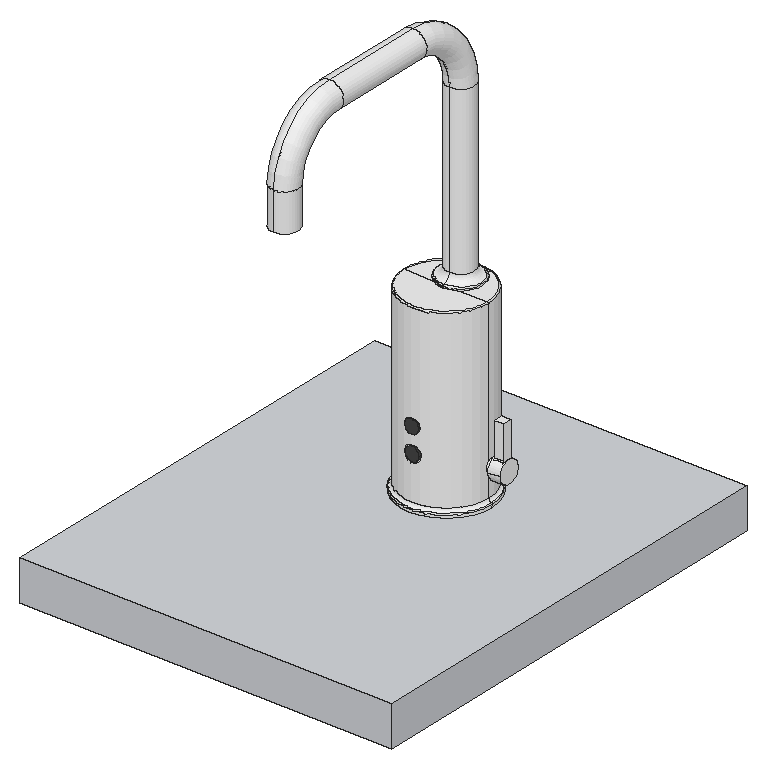
Revit family
Parameters (values of type "Chrome-Polished_Chrome-CP")
  Width = 0' - 3"
  WFU = 0
  URL = "http://www.us.kohler.com"
  Sensor = Sensor-Black
  Product Page URL = "http://www.us.kohler.com/onlinecatalog/detail.jsp?prod_num=7519"
  Product Documentation Link = "http://www.us.kohler.com/onlinecatalog/pdf/1126266_4.pdf"
  Model = "K-7519"  # constant formula
  Manufacturer = "Kohler"  # constant formula
  Length = 0' - 7 3/8"
  Installation = "Single-hole"  # constant formula
  Hot Water Radius = 3/16"
  Hot Water Diameter = Hot Water Radius * 2  # 3/8"
  Hot Water Connection = "Hot Water Connector"  # constant formula
  Height = 1' - 0 1/8"
  HWFU = 0
  HW Connection = yes
  Finish = Chrome-Kohler-CP-Polished Chrome
  Description = "Hybrid gooseneck Touchless deck-mount faucet with mixer\r\n\r\n"  # constant formula
  Default Elevation = 0' - 0"
  Created By = "http://medialab3dstudio.com/"
  Cold Water Radius = 3/16"
  Cold Water Diameter = Cold Water Radius * 2  # 3/8"
  Cold Water Connection = "Cold Water Connector"  # constant formula
  CWFU = 0
  CW Connection = yes
  Assembly Code = "D2010"
  Actual Water Flow = 0.5 GPM
Types (3): name | Finish
  (no name) | Chrome-Kohler-CP-Polished Chrome
  Steel-Vibrant_Stainless-VS | Steel-Kohler-VS-Vibrant Stainless
  Chrome-Polished_Chrome-CP | Chrome-Kohler-CP-Polished Chrome
Reference planes (in)
  plane 1 "Back": y = 0
  plane 2 "Bottom": z = 0
  plane 3 "Center (Left/Right)": x = 0
  plane 4 "Left": x = -1.29539
  plane 5 "Right": x = 1.29539
  plane 6 "Front of Base": y = -2.625
  plane 7 "Top of Spout": z = 5.13758
  plane 8: x = -1.19804
  plane 9: z = 0.19946
  plane 10: y = -0.20719
  plane 11: z = 5.41928
  plane 12: z = 5.19898
  plane 13: z = 11.74609
  plane 14: y = -6.99576
  plane 15: y = -0.81246
  plane 16: z = 5.41651
  plane 17: y = -1.10002
  plane 18: y = -1.34732
  plane 19: z = 1.30517
  plane 20: z = 1.25601
  plane 21: z = 2.24107
  plane 22: y = -1.07566
  plane 23: y = -1.3705
  plane 24: z = 0.99618
  plane 25: y = -1.22359
  plane 26 "Handle Right": x = 1.70461
  plane 27: y = -1.22359
  plane 28: z = 0.99618
  plane 29: z = 2.11506
  plane 30: x = 0
  plane 31: z = 2.11482
  plane 32: z = 1.42524
  plane 33: x = 0.01711
  plane 34: z = 1.42308
  plane 35: x = 0.01711
  plane 36 "Front": y = -7.375
  plane 37 "Top": z = 12.125
  plane 38: y = -0.9173
  plane 39: y = -1.52988
  plane 40: y = -1.40189
  plane 41: y = -1.04534
  plane 42: y = -0.81285
  plane 43: y = -1.22287
  plane 44: x = 0.49462
  plane 45: x = -0.49462
Forms (in)
  Extrusion 1, solid
    sketch origin (0, 0, 0) x (1, 0, 0) y (0, 1, 0)
      loop
        line (-5.38196, 2.92434) -> (-5.38196, -9.57092) -> (5.06552, -9.57092) -> (5.06552, 2.92434) -> (-5.38196, 2.92434)
    from 0 to -1.1254
  Revolve 2, solid, material "Chrome-Kohler-CP-Polished Chrome" <- "Finish", detail levels fine
    sketch origin (0, -1.3125, 0) x (1, 0, 0) y (0, 0, 1)
      loop
        line (0, 0) -> (0, 5.13758) -> (-1.16906, 5.13758)
        arc (-1.16906, 5.13758) -> (-1.18955, 5.1291) -> (-1.19804, 5.10861) r 0.02898
        line (-1.19804, 5.10861) -> (-1.19804, 0.19946)
        arc (-1.19804, 0.19946) -> (-1.22153, 0.13482) -> (-1.27987, 0.0984) r 0.10547
        arc (-1.27987, 0.0984) -> (-1.29123, 0.08704) -> (-1.29539, 0.07153) r 0.03103
        line (-1.29539, 0.07153) -> (-1.29539, 0) -> (0, 0)
      axis (0, 5.13758) -> (0, 0)
    angle from 0 to 360
  Revolve 3, solid, material "Chrome-Kohler-CP-Polished Chrome" <- "Finish", detail levels fine
    sketch origin (0, -0.87954, 0) x (0, -1, 0) y (0, 0, 1)
      loop
        line (-0.18173, 5.13758) -> (-0.18173, 5.41928) -> (-0.44641, 5.41928)
        arc (-0.44641, 5.41928) -> (-0.50901, 5.26802) -> (-0.65744, 5.19898) r 0.22547
        arc (-0.65744, 5.19898) -> (-0.67695, 5.18967) -> (-0.68487, 5.16956) r 0.02949
        line (-0.68487, 5.16956) -> (-0.68487, 5.13758) -> (-0.18173, 5.13758)
      axis (-0.06669, 5.41928) -> (-0.06669, 5.13758)
    angle from 0 to 360
  Sweep 4, solid, material "Chrome-Kohler-CP-Polished Chrome" <- "Finish", detail levels fine
    path origin (0, 0.00468, 0) x (0, 1, 0) y (0, 0, 1)
      loop
        line (-0.81714, 5.41651) -> (-0.81714, 10.08672)
        arc (-0.81714, 10.08672) -> (-1.30315, 11.26008) -> (-2.47651, 11.74609) r 1.65937
        line (-2.47651, 11.74609) -> (-5.41231, 11.74609)
        arc (-5.41231, 11.74609) -> (-6.51854, 11.29773) -> (-7.00044, 10.2057) r 1.58887
        line (-7.00044, 10.2057) -> (-7.00044, 9.14197)
    profile origin (0, -0.81246, 7.75162) x (0, -1, 0) y (1, 0, 0)
      loop
        circle (0, 0) r 0.37923
  Extrusion 5, void
    sketch origin (0, 0, 0) x (1, 0, 0) y (0, 0, 1)
      loop
        arc (-0.21742, 2.11482) -> (-0.15374, 1.96108) -> (0, 1.8974) r 0.21742
        arc (0, 1.8974) -> (0.15374, 1.96108) -> (0.21742, 2.11482) r 0.21742
        arc (0.21742, 2.11482) -> (0.15374, 2.26855) -> (0, 2.33223) r 0.21742
        arc (0, 2.33223) -> (-0.15374, 2.26855) -> (-0.21742, 2.11482) r 0.21742
    from 2.44704 to 2.52902
  Extrusion 6, void
    sketch origin (0, 0, -0.69173) x (1, 0, 0) y (0, 0, 1)
      loop
        arc (-0.21742, 2.11482) -> (-0.14872, 1.94898) -> (0.01711, 1.88029) r 0.23453
        arc (0.01711, 1.88029) -> (0.18295, 1.94898) -> (0.25164, 2.11482) r 0.23453
        arc (0.25164, 2.11482) -> (0.18295, 2.28065) -> (0.01711, 2.34935) r 0.23453
        arc (0.01711, 2.34935) -> (-0.14872, 2.28065) -> (-0.21742, 2.11482) r 0.23453
    from 2.44704 to 2.52902
  Extrusion 7, solid, material "Sensor-Black" <- "Sensor", detail levels fine
    sketch origin (0, 0, 0) x (1, 0, 0) y (0, 0, 1)
      loop
        arc (-0.18898, 2.11506) -> (-0.13363, 1.98143) -> (0, 1.92608) r 0.18898
        arc (0, 1.92608) -> (0.13363, 1.98143) -> (0.18898, 2.11506) r 0.18898
        arc (0.18898, 2.11506) -> (0.13363, 2.24869) -> (0, 2.30404) r 0.18898
        arc (0, 2.30404) -> (-0.13363, 2.24869) -> (-0.18898, 2.11506) r 0.18898
    from 2.44704 to 2.52039
  Extrusion 8, solid, material "Sensor-Black" <- "Sensor", detail levels fine
    sketch origin (0, 0, -0.68982) x (1, 0, 0) y (0, 0, 1)
      loop
        arc (-0.17187, 2.11506) -> (-0.11652, 1.98143) -> (0.01711, 1.92608) r 0.18898
        arc (0.01711, 1.92608) -> (0.15074, 1.98143) -> (0.20609, 2.11506) r 0.18898
        arc (0.20609, 2.11506) -> (0.15074, 2.24869) -> (0.01711, 2.30404) r 0.18898
        arc (0.01711, 2.30404) -> (-0.11652, 2.24869) -> (-0.17187, 2.11506) r 0.18898
    from 2.44704 to 2.52039
  Extrusion 9, solid, material "Chrome-Kohler-CP-Polished Chrome" <- "Finish", detail levels fine
    sketch origin (0, 0, 0) x (0, 1, 0) y (0, 0, 1)
      loop
        arc (-1.04531, 0.99618) -> (-1.09753, 1.12225) -> (-1.22359, 1.17446) r 0.17828
        arc (-1.22359, 1.17446) -> (-1.34965, 1.12225) -> (-1.40187, 0.99618) r 0.17828
        arc (-1.40187, 0.99618) -> (-1.34965, 0.87012) -> (-1.22359, 0.8179) r 0.17828
        arc (-1.22359, 0.8179) -> (-1.09753, 0.87012) -> (-1.04531, 0.99618) r 0.17828
    from 1.0625 to 1.35021
  Extrusion 10, solid, material "Chrome-Kohler-CP-Polished Chrome" <- "Finish", detail levels fine
    sketch origin (0, 0, 0) x (0, 1, 0) y (0, 0, 1)
      loop
        arc (-0.9173, 0.99618) -> (-1.00701, 1.21276) -> (-1.22359, 1.30247) r 0.30629
        arc (-1.22359, 1.30247) -> (-1.44017, 1.21276) -> (-1.52988, 0.99618) r 0.30629
        arc (-1.52988, 0.99618) -> (-1.44017, 0.77961) -> (-1.22359, 0.6899) r 0.30629
        arc (-1.22359, 0.6899) -> (-1.00701, 0.77961) -> (-0.9173, 0.99618) r 0.30629
    from 1.35021 to 1.70461
  Extrusion 11, solid, material "Chrome-Kohler-CP-Polished Chrome" <- "Finish", detail levels fine
    sketch origin (0, 0, 0) x (0, 1, 0) y (0, 0, 1)
      loop
        arc (-1.3705, 1.25601) -> (-1.22308, 1.29082) -> (-1.07566, 1.25601) r 0.32962
        arc (-1.07566, 1.25601) -> (-1.09275, 1.27817) -> (-1.10002, 1.30519) r 0.07148
        line (-1.10002, 1.30519) -> (-1.10002, 2.24107) -> (-1.34732, 2.24107) -> (-1.34732, 1.30517)
        arc (-1.34732, 1.30517) -> (-1.35357, 1.27807) -> (-1.3705, 1.25601) r 0.06547
    from 1.39998 to 1.65425
  Extrusion 12, void
    sketch origin (0.49462, 0.17828, 0) x (1, 0, 0) y (0, 1, 0)
      loop
        circle (0, -1.40115) r 0.1875
    from 0 to 0.0984
  Extrusion 13, void
    sketch origin (-0.49462, 0.17828, 0) x (1, 0, 0) y (0, 1, 0)
      loop
        circle (0, -1.40115) r 0.1875
    from 0 to 0.0984
  Extrusion 14, solid, not visible
    sketch origin (0, 0, 0) x (1, 0, 0) y (0, 1, 0)
      loop
        arc (0.30712, -1.22287) -> (0.36203, -1.35545) -> (0.49462, -1.41037) r 0.1875
        arc (0.49462, -1.41037) -> (0.6272, -1.35545) -> (0.68212, -1.22287) r 0.1875
        arc (0.68212, -1.22287) -> (0.6272, -1.09029) -> (0.49462, -1.03537) r 0.1875
        arc (0.49462, -1.03537) -> (0.36203, -1.09029) -> (0.30712, -1.22287) r 0.1875
      loop
        arc (-0.49462, -1.03537) -> (-0.6272, -1.09029) -> (-0.68212, -1.22287) r 0.1875
        arc (-0.68212, -1.22287) -> (-0.6272, -1.35545) -> (-0.49462, -1.41037) r 0.1875
        arc (-0.49462, -1.41037) -> (-0.36203, -1.35545) -> (-0.30712, -1.22287) r 0.1875
        arc (-0.30712, -1.22287) -> (-0.36203, -1.09029) -> (-0.49462, -1.03537) r 0.1875
    from 0 to 0.0984
  Extrusion 15, solid, material "Chrome-Kohler-CP-Polished Chrome" <- "Finish", detail levels coarse+medium
    sketch origin (0, 0, 0) x (1, 0, 0) y (0, 1, 0)
      loop
        line (-1.29539, 0) -> (-1.29539, -7.375) -> (1.70461, -7.375) -> (1.70461, 0) -> (-1.29539, 0)
    from 0 to 12.125
Cuts and joins
  Extrusion 5, Extrusion 6, Extrusion 12, Extrusion 13 cuts Revolve 2
  joined: Revolve 2, Revolve 3, Extrusion 9, Extrusion 10
Lines and regions (in)
  Masking region 1, detail levels coarse
    outline origin (0, 0, 0) x (1, 0, 0) y (0, 1, 0)
      loop
        line (-1.29539, 0) -> (-1.29539, -7.375) -> (1.70461, -7.375) -> (1.70461, 0) -> (-1.29539, 0)
  Masking region 2, detail levels medium+fine
    outline origin (0, 0, 0) x (1, 0, 0) y (0, 1, 0)
      loop
        line (-0.37924, -2.55113) -> (-0.37924, -6.99756)
        arc (-0.37924, -6.99756) -> (0, -7.37679) -> (0.37923, -6.99756) r 0.37923
        line (0.37923, -6.99756) -> (0.37923, -2.55113)
        arc (0.37923, -2.55113) -> (1.01425, -2.11831) -> (1.2923, -1.40189) r 1.29539
        line (1.2923, -1.40189) -> (1.3331, -1.40189) -> (1.3331, -1.52988) -> (1.70461, -1.52988) -> (1.70461, -0.9173) -> (1.3331, -0.9173) -> (1.3331, -1.04534) -> (1.26754, -1.04534)
        arc (1.26754, -1.04534) -> (-0.87414, -0.35651) -> (-0.37924, -2.55113) r 1.29539
  Masking region 3, detail levels coarse
    outline origin (0, 0, 0) x (1, 0, 0) y (0, 0, 1)
      loop
        line (-1.29539, 12.125) -> (-1.29539, 0) -> (1.70461, 0) -> (1.70461, 12.125) -> (-1.29539, 12.125)
  Masking region 4, detail levels medium+fine
    outline origin (0, -2.625, 0) x (-1, 0, 0) y (0, 0, 1)
      loop
        line (-1.3125, 0) -> (1.3125, 0) -> (1.3125, 0.07153)
        arc (1.3125, 0.07153) -> (1.3084, 0.08708) -> (1.29699, 0.0984) r 0.0306
        arc (1.29699, 0.0984) -> (1.23921, 0.13528) -> (1.21515, 0.19946) r 0.10831
        line (1.21515, 0.19946) -> (1.21515, 5.10861)
        arc (1.21515, 5.10861) -> (1.20666, 5.1291) -> (1.18617, 5.13758) r 0.02898
        line (1.18617, 5.13758) -> (0.59826, 5.13758) -> (0.59826, 5.16956)
        arc (0.59826, 5.16956) -> (0.59078, 5.18919) -> (0.57214, 5.19886) r 0.0295
        arc (0.57214, 5.19886) -> (0.43116, 5.26823) -> (0.37923, 5.41651) r 0.20746
        line (0.37923, 5.41651) -> (0.37923, 11.74436)
        arc (0.37923, 11.74436) -> (0.00015, 12.12344) -> (-0.37892, 11.74436) r 0.37908
        line (-0.37892, 11.74436) -> (-0.37892, 5.41651)
        arc (-0.37892, 5.41651) -> (-0.43062, 5.26871) -> (-0.57082, 5.19899) r 0.20773
        arc (-0.57082, 5.19899) -> (-0.58994, 5.19001) -> (-0.59825, 5.17058) r 0.02968
        line (-0.59825, 5.17058) -> (-0.59825, 5.13758) -> (-1.18617, 5.13758)
        arc (-1.18617, 5.13758) -> (-1.20668, 5.12909) -> (-1.21517, 5.10858) r 0.029
        line (-1.21517, 5.10858) -> (-1.21517, 1.17489) -> (-1.35021, 1.17489) -> (-1.35021, 1.30247) -> (-1.39998, 1.30247) -> (-1.39998, 2.24107) -> (-1.65425, 2.24107) -> (-1.65425, 1.30519) -> (-1.70461, 1.30519) -> (-1.70461, 0.6899) -> (-1.35021, 0.6899) -> (-1.35021, 0.8179) -> (-1.21517, 0.8179) -> (-1.21517, 0.19951)
        arc (-1.21517, 0.19951) -> (-1.23819, 0.13448) -> (-1.29699, 0.0984) r 0.10338
        arc (-1.29699, 0.0984) -> (-1.30833, 0.08703) -> (-1.3125, 0.07153) r 0.03114
        line (-1.3125, 0.07153) -> (-1.3125, 0)
  Masking region 5, detail levels coarse
    outline origin (0, 0, 0) x (0, 1, 0) y (0, 0, 1)
      loop
        line (0, 12.125) -> (-7.375, 12.125) -> (-7.375, 0) -> (0, 0) -> (0, 12.125)
  Masking region 6, detail levels medium+fine
    outline origin (0, 0, 0) x (0, 1, 0) y (0, 0, 1)
      loop
        line (0, 0) -> (0, 0.07182)
        arc (0, 0.07182) -> (-0.00416, 0.08721) -> (-0.01551, 0.0984) r 0.03053
        arc (-0.01551, 0.0984) -> (-0.07358, 0.13504) -> (-0.09735, 0.19946) r 0.10682
        line (-0.09735, 0.19946) -> (-0.09735, 5.10856)
        arc (-0.09735, 5.10856) -> (-0.10585, 5.12908) -> (-0.12637, 5.13758) r 0.02902
        line (-0.12637, 5.13758) -> (-0.19467, 5.13758) -> (-0.19467, 5.16952)
        arc (-0.19467, 5.16952) -> (-0.20259, 5.18961) -> (-0.2221, 5.19889) r 0.02944
        arc (-0.2221, 5.19889) -> (-0.37025, 5.26819) -> (-0.43313, 5.41918) r 0.22654
        line (-0.43313, 5.41918) -> (-0.43313, 10.10196)
        arc (-0.43313, 10.10196) -> (-1.02567, 11.53247) -> (-2.45617, 12.125) r 2.02304
        line (-2.45617, 12.125) -> (-5.44685, 12.125)
        arc (-5.44685, 12.125) -> (-6.81026, 11.56026) -> (-7.375, 10.19685) r 1.92815
        line (-7.375, 10.19685) -> (-7.375, 9.14197) -> (-6.61653, 9.14197) -> (-6.61653, 10.19947)
        arc (-6.61653, 10.19947) -> (-6.2471, 11.02676) -> (-5.40744, 11.36712) r 1.21266
        line (-5.40744, 11.36712) -> (-2.48041, 11.36712)
        arc (-2.48041, 11.36712) -> (-1.58184, 11.00202) -> (-1.19257, 10.11366) r 1.28831
        line (-1.19257, 10.11366) -> (-1.19257, 5.41928)
        arc (-1.19257, 5.41928) -> (-1.25533, 5.26817) -> (-1.4036, 5.19898) r 0.22606
        arc (-1.4036, 5.19898) -> (-1.42317, 5.18969) -> (-1.43108, 5.16952) r 0.02943
        line (-1.43108, 5.16952) -> (-1.43108, 5.13758) -> (-2.49862, 5.13758)
        arc (-2.49862, 5.13758) -> (-2.51919, 5.12907) -> (-2.5277, 5.1085) r 0.02908
        line (-2.5277, 5.1085) -> (-2.5277, 0.19941)
        arc (-2.5277, 0.19941) -> (-2.55179, 0.1353) -> (-2.60949, 0.0984) r 0.10846
        arc (-2.60949, 0.0984) -> (-2.621, 0.08713) -> (-2.625, 0.07153) r 0.02993
        line (-2.625, 0.07153) -> (-2.625, 0) -> (0, 0)
  Masking region 7, detail levels fine
    outline origin (1.29539, 0, 0) x (0, 1, 0) y (0, 0, 1)
      loop
        arc (-1.04531, 0.99618) -> (-1.09753, 1.12225) -> (-1.22359, 1.17446) r 0.17828
        arc (-1.22359, 1.17446) -> (-1.34965, 1.12225) -> (-1.40187, 0.99618) r 0.17828
        arc (-1.40187, 0.99618) -> (-1.34965, 0.87012) -> (-1.22359, 0.8179) r 0.17828
        arc (-1.22359, 0.8179) -> (-1.09753, 0.87012) -> (-1.04531, 0.99618) r 0.17828
  symbolic lines, style "Masking Lines", detail levels fine
    curve 1: arc (-0.38196, -1.34233, 0) -> (-0.00037, -0.27922, 0) -> (0.38071, -1.34252, 0) r 0.59999
    curve 2: arc (-0.38196, -0.7959, 0) -> (-0.00063, -0.41457, 0) -> (0.38071, -0.7959, 0) r 0.38133
    curve 3: arc (1.26791, -1.04692, 0) -> (1.29266, -1.22354, 0) -> (1.29234, -1.40189, 0) r 1.26618
    curve 4: line (1.3331, -1.40187, 0) -> (1.3331, -1.04534, 0)
    curve 5: line (1.39998, -1.07566, 0) -> (1.65425, -1.07566, 0)
    curve 6: line (1.39998, -1.3705, 0) -> (1.39998, -1.07566, 0)
    curve 7: line (1.65425, -1.3705, 0) -> (1.39998, -1.3705, 0)
    curve 8: line (1.65425, -1.07566, 0) -> (1.65425, -1.3705, 0)
    curve 9: line (0.38071, -1.34252, 0) -> (0.38071, -2.569, 0)
    curve 10: line (-0.38196, -1.34233, 0) -> (-0.38196, -2.569, 0)
    curve 11: line (-0.38196, -1.34233, 0) -> (-0.38196, -0.7959, 0)
    curve 12: line (0.38071, -1.34252, 0) -> (0.38071, -0.7959, 0)
    curve 13: arc (0.21742, -7.375, 2.11482) -> (0.15374, -7.375, 2.26855) -> (0, -7.375, 2.33223) r 0.21742
    curve 14: arc (0, -7.375, 1.8974) -> (0.15374, -7.375, 1.96108) -> (0.21742, -7.375, 2.11482) r 0.21742
    curve 15: arc (-0.21742, -7.375, 2.11482) -> (-0.15374, -7.375, 1.96108) -> (0, -7.375, 1.8974) r 0.21742
    curve 16: arc (0, -7.375, 2.33223) -> (-0.15374, -7.375, 2.26855) -> (-0.21742, -7.375, 2.11482) r 0.21742
    curve 17: arc (0, -7.375, 2.30404) -> (-0.13363, -7.375, 2.24869) -> (-0.18898, -7.375, 2.11506) r 0.18898
    curve 18: arc (0.18898, -7.375, 2.11506) -> (0.13363, -7.375, 2.24869) -> (0, -7.375, 2.30404) r 0.18898
    curve 19: arc (0, -7.375, 1.92608) -> (0.13363, -7.375, 1.98143) -> (0.18898, -7.375, 2.11506) r 0.18898
    curve 20: arc (-0.18898, -7.375, 2.11506) -> (-0.13363, -7.375, 1.98143) -> (0, -7.375, 1.92608) r 0.18898
    curve 21: arc (0.25164, -7.375, 1.42308) -> (0.18295, -7.375, 1.58892) -> (0.01711, -7.375, 1.65761) r 0.23453
    curve 22: arc (0.01711, -7.375, 1.18855) -> (0.18295, -7.375, 1.25725) -> (0.25164, -7.375, 1.42308) r 0.23453
    curve 23: arc (-0.21742, -7.375, 1.42308) -> (-0.14872, -7.375, 1.25725) -> (0.01711, -7.375, 1.18855) r 0.23453
    curve 24: arc (0.01711, -7.375, 1.65761) -> (-0.14872, -7.375, 1.58892) -> (-0.21742, -7.375, 1.42308) r 0.23453
    curve 25: arc (0.01711, -7.375, 1.61422) -> (-0.11652, -7.375, 1.55887) -> (-0.17187, -7.375, 1.42524) r 0.18898
    curve 26: arc (0.20609, -7.375, 1.42524) -> (0.15074, -7.375, 1.55887) -> (0.01711, -7.375, 1.61422) r 0.18898
    curve 27: arc (0.01711, -7.375, 1.23626) -> (0.15074, -7.375, 1.29161) -> (0.20609, -7.375, 1.42524) r 0.18898
    curve 28: arc (-0.17187, -7.375, 1.42524) -> (-0.11652, -7.375, 1.29161) -> (0.01711, -7.375, 1.23626) r 0.18898
    curve 29: line (-0.59826, 0, 5.13758) -> (0.59825, 0, 5.13758)
    curve 30: line (-0.37923, -7.375, 9.14197) -> (0.37923, -7.375, 9.14197)
    curve 31: line (1.3331, -2.625, 1.17446) -> (1.3331, -2.625, 0.8179)
    curve 32: arc (1.19806, 0, 1.17489) -> (1.16919, 0, 0.9964) -> (1.19806, 0, 0.8179) r 0.56629
    curve 33: arc (1.29539, -1.22359, 0.6899) -> (1.29539, -1.00701, 0.77961) -> (1.29539, -0.9173, 0.99618) r 0.30629
    curve 34: arc (1.29539, -1.52988, 0.99618) -> (1.29539, -1.44017, 0.77961) -> (1.29539, -1.22359, 0.6899) r 0.30629
    curve 35: arc (1.29539, -1.35746, 1.27166) -> (1.29539, -1.48322, 1.15868) -> (1.29539, -1.52988, 0.99618) r 0.30629
    curve 36: arc (1.29539, -0.9173, 0.99618) -> (1.29539, -0.96352, 1.15797) -> (1.29539, -1.08823, 1.27093) r 0.30629
    curve 37: arc (1.29539, -1.08823, 1.27093) -> (1.29539, -1.09646, 1.28726) -> (1.29539, -1.10002, 1.30519) r 0.06772
    curve 38: arc (1.29539, -1.35746, 1.27166) -> (1.29539, -1.34998, 1.28769) -> (1.29539, -1.34732, 1.30517) r 0.06222
    curve 39: line (1.29539, -1.34732, 1.30517) -> (1.29539, -1.34732, 2.24107)
    curve 40: line (1.29539, -1.34732, 2.24107) -> (1.29539, -1.10002, 2.24107)
    curve 41: line (1.29539, -1.10002, 2.24107) -> (1.29539, -1.10002, 1.30519)
    curve 42: line (0, -0.2221, 5.19898) -> (0, -1.4036, 5.19898)
    curve 43: line (0, -0.01551, 0.0984) -> (0, -2.60949, 0.0984)
    curve 44: arc (1.29539, -1.35746, 1.27166) -> (1.29539, -1.22276, 1.30247) -> (1.29539, -1.08823, 1.27093) r 0.30629
    curve 45: line (0, -1.19257, 5.41928) -> (0, -0.43313, 5.41928)
    curve 46: line (0, -7.375, 10.19685) -> (0, -6.61662, 10.19685)
    curve 47: line (-0.57214, 0, 5.19886) -> (0.57257, 0, 5.19886)
    curve 48: line (-0.37923, 0, 5.41651) -> (0.37923, 0, 5.41651)
    curve 49: line (-1.19804, 0, 0.19946) -> (1.19804, 0, 0.19946)
    curve 50: line (-1.27987, 0, 0.0984) -> (1.27987, 0, 0.0984)
    curve 51: line (0, -1.43104, 5.13758) -> (0, -0.19467, 5.13758)
    curve 52: line (0, -2.52765, 0.19946) -> (0, -0.09735, 0.19946)
    curve 53: line (1.38286, 0, 1.30247) -> (1.38286, 0, 1.25601)
    curve 54: line (1.38286, 0, 1.25601) -> (1.65425, 0, 1.25601)
    curve 55: line (1.65425, 0, 1.25601) -> (1.65425, 0, 1.30517)
Dimensions and locks (in)
  equal spacing: plane 4 "Left", plane 3 "Center (Left/Right)", plane 5 "Right"
  locked: plane 4 "Left" to plane 8 at 0.09735
  locked: plane 9 to plane 2 "Bottom" at 0.19946
  plane 1 "Back" to plane 15 = 0' - 0.81246"
  plane 1 "Back" to plane 17 to plane 18 to plane 6 "Front of Base" = 0' - 1.10002" locked, 0' - 0.2473" locked, 0' - 1.27768" locked
  locked: plane 20 to plane 2 "Bottom" at 1.25601
  locked: plane 20 to plane 19 at 0.04915
  locked: plane 19 to plane 21 at 0.9359
  plane 1 "Back" to plane 25 to plane 6 "Front of Base" = 0' - 1.22359", 0' - 1.40141"
  locked: plane 28 to plane 2 "Bottom" at 0.99618
  plane 1 "Back" to plane 27 to plane 6 "Front of Base" = 0' - 1.22359", 0' - 1.40141"
  locked: plane 33 to plane 4 "Left" at 1.3125
  locked: plane 32 to plane 2 "Bottom" at 1.42524
  locked: plane 34 to plane 2 "Bottom" at 1.42308
  locked: plane 35 to plane 4 "Left" at 1.3125
  "Length": plane 1 "Back" to plane 36 "Front"
  "Height": plane 37 "Top" to level
  locked: plane 13 to plane 37 "Top" at 0.37891
  locked: plane 16 to plane 7 "Top of Spout" at 0.27893
  locked: plane 1 "Back" to plane 15 at 0.81246
  locked: plane 15 to plane 14 at 6.1833
  plane 39 to plane 40 to plane 41 to plane 38 to plane 1 "Back" = 0' - 0.12798" locked, 0' - 0.35655" locked, 0' - 0.12804" locked, 0' - 0.9173" locked
  plane 11 to plane 12 to plane 7 "Top of Spout" = 0' - 0.2203" locked, 0' - 0.0614" locked
  plane 1 "Back" to plane 10 to plane 42 = 0' - 0.20719" locked, 0' - 0.60566" locked
  plane 45 to plane 3 "Center (Left/Right)" to plane 44 = 0' - 0.49462" locked, 0' - 0.49462" locked
  "Width": plane 4 "Left" to plane 26 "Handle Right"
  radius of Revolve 2 sketch curve = 0' - 0.03103"
  radius of Revolve 2 sketch curve = 0' - 0 27/256"
  "Cold Water Radius": radius of Extrusion 12 sketch curve
  "Hot Water Radius": radius of Extrusion 13 sketch curve
  "Cold Water Radius": radius of Extrusion 14 sketch curve
  "Hot Water Radius": radius of Extrusion 14 sketch curve
  aligned and locked: plane 2 "Bottom" to Extrusion 1
  aligned and locked: level to Extrusion 1
  aligned and locked: plane 4 "Left" to Revolve 2 sketch curve  (x2)
  aligned and locked: Revolve 2 sketch curve to plane 3 "Center (Left/Right)"
  aligned and locked: plane 2 "Bottom" to Revolve 2 sketch curve
  aligned and locked: Revolve 2 sketch curve to plane 7 "Top of Spout"
  aligned and locked: Revolve 2 sketch curve to plane 8
  aligned and locked: plane 9 to Revolve 2 sketch curve
  aligned and locked: plane 3 "Center (Left/Right)" to cut or joined group 1 (Revolve 2, Revolve 3, Extrusion 5, Extrusion 6, Extrusion 9, Extrusion 10, Extrusion 12, Extrusion 13)
  aligned and locked: plane 7 "Top of Spout" to Revolve 3 sketch curve
  aligned and locked: plane 12 to Revolve 3 sketch curve
  aligned and locked: plane 13 to Sweep 4 sketch curve
  aligned and locked: Sweep 4 sketch curve to plane 15
  aligned and locked: plane 16 to Sweep 4 sketch curve
  aligned and locked: Extrusion 11 sketch curve to plane 17
  aligned and locked: Extrusion 11 sketch curve to plane 18
  aligned and locked: plane 19 to Extrusion 11 sketch curve
  aligned and locked: plane 21 to Extrusion 11 sketch curve
  aligned and locked: plane 20 to Extrusion 11 sketch curve  (x2)
  aligned and locked: plane 23 to Extrusion 11 sketch curve
  aligned and locked: plane 22 to Extrusion 11 sketch curve
  aligned and locked: plane 25 to Extrusion 10 sketch curve  (x2)
  aligned and locked: plane 24 to Extrusion 10 sketch curve  (x2)
  aligned and locked: cut or joined group 1 to plane 26 "Handle Right"
  aligned and locked: plane 27 to Extrusion 9 sketch curve  (x2)
  aligned and locked: plane 28 to Extrusion 9 sketch curve  (x2)
  aligned and locked: plane 30 to Extrusion 7 sketch curve  (x2)
  aligned and locked: plane 29 to Extrusion 7 sketch curve  (x2)
  aligned and locked: plane 3 "Center (Left/Right)" to Extrusion 5 sketch curve  (x2)
  aligned and locked: plane 31 to Extrusion 5 sketch curve  (x2)
  aligned and locked: plane 33 to Extrusion 8 sketch curve  (x2)
  aligned and locked: plane 32 to Extrusion 8 sketch curve  (x2)
  aligned and locked: plane 34 to Extrusion 6 sketch curve  (x2)
  aligned and locked: plane 35 to Extrusion 6 sketch curve  (x2)
  aligned and locked: plane 36 "Front" to Sweep 4
  aligned and locked: plane 1 "Back" to Masking region 1 sketch curve
  aligned and locked: plane 26 "Handle Right" to Masking region 1 sketch curve
  aligned and locked: plane 36 "Front" to Masking region 1 sketch curve
  aligned and locked: plane 4 "Left" to Masking region 1 sketch curve
  aligned and locked: Masking region 2 sketch curve to cut or joined group 1  (x2)
  aligned and locked: plane 26 "Handle Right" to Masking region 2 sketch curve
  aligned and locked: Masking region 2 sketch curve to plane 39
  aligned and locked: Masking region 2 sketch curve to plane 40
  aligned and locked: plane 41 to Masking region 2 sketch curve
  aligned and locked: plane 38 to Masking region 2 sketch curve
  aligned and locked: curve 5 to Extrusion 11
  aligned and locked: curve 8 to Extrusion 11
  aligned and locked: curve 7 to Extrusion 11
  aligned and locked: curve 6 to Extrusion 11
  aligned and locked: plane 37 "Top" to Masking region 3 sketch curve
  aligned and locked: plane 26 "Handle Right" to Masking region 3 sketch curve
  aligned and locked: plane 2 "Bottom" to Masking region 3 sketch curve
  aligned and locked: plane 4 "Left" to Masking region 3 sketch curve
  aligned and locked: plane 2 "Bottom" to Masking region 4 sketch curve
  aligned and locked: Masking region 4 sketch curve to plane 7 "Top of Spout"  (x2)
  aligned and locked: Masking region 4 sketch curve to Masking region 4 sketch curve
  aligned: Masking region 4 sketch curve to cut or joined group 1
  aligned and locked: curve 13 to cut or joined group 1
  aligned and locked: curve 14 to cut or joined group 1
  aligned and locked: curve 15 to cut or joined group 1
  aligned and locked: curve 16 to cut or joined group 1
  aligned and locked: curve 21 to cut or joined group 1
  aligned and locked: curve 22 to cut or joined group 1
  aligned and locked: curve 23 to cut or joined group 1
  aligned and locked: curve 24 to cut or joined group 1
  aligned and locked: plane 37 "Top" to Masking region 5 sketch curve
  aligned and locked: plane 36 "Front" to Masking region 5 sketch curve
  aligned and locked: plane 2 "Bottom" to Masking region 5 sketch curve
  aligned and locked: plane 1 "Back" to Masking region 5 sketch curve
  aligned and locked: plane 42 to Revolve 3 sketch curve
  aligned and locked: plane 11 to Revolve 3 sketch curve
  aligned and locked: curve 33 to cut or joined group 1
  aligned and locked: curve 34 to cut or joined group 1
  aligned and locked: curve 35 to cut or joined group 1
  aligned and locked: curve 36 to cut or joined group 1
  aligned and locked: plane 2 "Bottom" to Masking region 6 sketch curve
  aligned and locked: plane 1 "Back" to Masking region 6 sketch curve
  aligned and locked: plane 6 "Front of Base" to Masking region 6 sketch curve
  aligned and locked: Masking region 6 sketch curve to plane 7 "Top of Spout"  (x2)
  aligned and locked: plane 37 "Top" to Masking region 6 sketch curve
  aligned and locked: plane 36 "Front" to Masking region 6 sketch curve
  aligned and locked: plane 45 to Extrusion 14 sketch curve
  aligned and locked: plane 43 to Extrusion 14 sketch curve  (x2)
  aligned and locked: plane 44 to Extrusion 14 sketch curve
  aligned and locked: Extrusion 14 to plane 2 "Bottom"
Automatic sketch dimensions
  Extrusion 1 sketch curve to Extrusion 1 sketch curve = 0' - 10.44748"
  Extrusion 1 sketch curve to Extrusion 1 sketch curve = 1' - 0.49525"
  Sweep 4 sketch curve to Sweep 4 sketch curve = 0' - 1.58813"
  plane 6 "Front of Base" to Sweep 4 sketch curve = 0' - 0.15317"
  plane 7 "Top of Spout" to Sweep 4 sketch curve = 0' - 4.00439"
  Sweep 4 sketch curve to Sweep 4 sketch curve = 0' - 1.58887"
  Sweep 4 sketch curve to plane 3 "Center (Left/Right)" = 0' - 0"
  Sweep 4 sketch curve to profile plane = 0' - 0"
  plane 3 "Center (Left/Right)" to Extrusion 12 sketch curve = 0' - 0.49462"
  plane 1 "Back" to Extrusion 12 sketch curve = 0' - 1.22287"
  Extrusion 13 sketch curve to plane 3 "Center (Left/Right)" = 0' - 0.49462"
  plane 1 "Back" to Extrusion 13 sketch curve = 0' - 1.22287"
  Extrusion 11 sketch curve to plane 19 = 0' - 0.00084"
  Extrusion 11 sketch curve to plane 19 = 0' - 0.00472"
  Extrusion 11 sketch curve to Extrusion 11 sketch curve = 0' - 0.07133"
  plane 20 to Extrusion 11 sketch curve = 0' - 0.29482"
  Extrusion 10 sketch curve to Extrusion 10 sketch curve = 0' - 0.30629"
  Extrusion 9 sketch curve to Extrusion 9 sketch curve = 0' - 0.17828"
  Extrusion 7 sketch curve to Extrusion 7 sketch curve = 0' - 0.18898"
  Extrusion 5 sketch curve to plane 3 "Center (Left/Right)" = 0' - 0.21742"
  Extrusion 8 sketch curve to Extrusion 8 sketch curve = 0' - 0.18898"
  Extrusion 6 sketch curve to plane 3 "Center (Left/Right)" = 0' - 0.21742"
  Sweep 4 sketch curve to plane 14 = 0' - 0"
  Revolve 2 sketch curve to level = 0' - 0"  (x2)
  Revolve 2 sketch curve to plane 3 "Center (Left/Right)" = 0' - 0"
  Revolve 2 sketch curve to plane 7 "Top of Spout" = 0' - 0"
  Revolve 2 sketch curve to plane 9 = 0' - 0.00173"
  plane 4 "Left" to Revolve 2 sketch curve = 0' - 0.01551"
  Revolve 2 sketch curve to plane 8 = 0' - 0.02898"
  Masking region 2 sketch curve to plane 3 "Center (Left/Right)" = 0' - 0"
  Masking region 2 sketch curve to Masking region 2 sketch curve = 0' - 0.37923"
  plane 36 "Front" to Masking region 2 sketch curve = 0' - 0.37744"
  curve 3 to plane 5 "Right" = 0' - 0.00305"
  curve 3 to plane 5 "Right" = 0' - 0.02748"
  plane 3 "Center (Left/Right)" to curve 2 = 0' - 0.38071"
  plane 3 "Center (Left/Right)" to curve 3 = 0' - 0.02947"
  curve 2 to plane 3 "Center (Left/Right)" = 0' - 0.00063"
  curve 1 to plane 3 "Center (Left/Right)" = 0' - 0.00051"
  curve 4 to curve 6 = 0' - 0.03137"
  curve 3 to curve 4 = 0' - 0"
  curve 3 to curve 12 = 0' - 0.05937"
  curve 9 to curve 1 = 0' - 0.00019"
  curve 9 to curve 3 = 0' - 0.03204"
  curve 5 to curve 4 = 0' - 0.03032"
  curve 1 to curve 2 = 0' - 0.08331"
  curve 13 to curve 14 = 0' - 0"  (x2)
  curve 13 to curve 15 = 0' - 0"  (x2)
  curve 13 to curve 16 = 0' - 0"  (x2)
  curve 14 to curve 15 = 0' - 0"  (x2)
  curve 14 to curve 16 = 0' - 0"  (x2)
  curve 15 to curve 16 = 0' - 0"  (x2)
  curve 17 to curve 18 = 0' - 0"  (x2)
  curve 17 to curve 19 = 0' - 0"  (x2)
  curve 17 to curve 20 = 0' - 0"  (x2)
  curve 18 to curve 19 = 0' - 0"  (x2)
  curve 18 to curve 20 = 0' - 0"  (x3)
  curve 19 to curve 20 = 0' - 0"  (x2)
  curve 21 to curve 22 = 0' - 0"  (x2)
  curve 21 to curve 23 = 0' - 0"  (x2)
  curve 21 to curve 24 = 0' - 0"  (x2)
  curve 22 to curve 23 = 0' - 0"  (x2)
  curve 22 to curve 24 = 0' - 0"  (x2)
  curve 23 to curve 24 = 0' - 0"  (x2)
  curve 25 to curve 26 = 0' - 0"  (x4)
  curve 25 to curve 27 = 0' - 0"  (x4)
  curve 25 to curve 28 = 0' - 0"  (x4)
  curve 26 to curve 27 = 0' - 0"  (x4)
  curve 26 to curve 28 = 0' - 0"  (x4)
  curve 27 to curve 28 = 0' - 0"  (x4)
  curve 29 to curve 30 = 0' - 4.01037"  (x2)
  curve 29 to curve 23 = 0' - 3.73397"
  curve 15 to curve 23 = 0' - 0.69173"
  curve 15 to curve 20 = 0' - 0.02844"
  curve 23 to curve 25 = 0' - 0.0456"
  curve 17 to curve 16 = 0' - 0.28789"
  curve 17 to curve 13 = 0' - 0.00024"
  curve 28 to curve 28 = 0' - 0.26726"
  curve 25 to curve 21 = 0' - 0.00216"
  curve 30 to curve 30 = 0' - 0.75846"
  curve 29 to curve 29 = 0' - 1.19651"
  curve 22 to curve 32 = 0' - 1.12337"
  curve 32 to curve 32 = 0' - 0"
  curve 32 to curve 31 = 0' - 0.13504"  (x2)
  curve 31 to curve 32 = 0' - 0.44003"
  curve 31 to curve 32 = 0' - 0.4402"
  curve 31 to curve 32 = 0' - 0.13504"
  curve 32 to curve 23 = 0' - 1.18102"
  curve 23 to curve 28 = 0' - 0.04771"  (x2)
  curve 24 to curve 15 = 0' - 0.2404"
  curve 15 to curve 20 = 0' - 0.02868"
  curve 16 to curve 29 = 0' - 2.86843"
  plane 11 to Revolve 3 sketch curve = 0' - 0"
  Revolve 3 sketch curve to plane 7 "Top of Spout" = 0' - 0"
  plane 10 to Revolve 3 sketch curve = 0' - 0.01252"
  Revolve 3 sketch curve to plane 10 = 0' - 0.00051"
  Revolve 3 sketch curve to plane 10 = 0' - 0.01491"
  Revolve 3 sketch curve to plane 10 = 0' - 0.01697"
  Revolve 3 sketch curve to Revolve 3 sketch curve = 0' - 0.22543"
  Revolve 3 sketch curve to Revolve 3 sketch curve = 0' - 0.11504"
  Masking region 6 sketch curve to Masking region 6 sketch curve = 0' - 0.0394"
  Masking region 6 sketch curve to Masking region 6 sketch curve = 0' - 0.04214"
  Masking region 6 sketch curve to plane 6 "Front of Base" = 0' - 0.01109"
  plane 6 "Front of Base" to Masking region 6 sketch curve = 0' - 0.01551"
  Masking region 6 sketch curve to Masking region 6 sketch curve = 0' - 0.0144"
  Masking region 6 sketch curve to Masking region 6 sketch curve = 0' - 0.02748"
  Masking region 6 sketch curve to Masking region 6 sketch curve = 0' - 0.00195"
  Masking region 6 sketch curve to Masking region 6 sketch curve = 0' - 0.00201"
  Masking region 6 sketch curve to Masking region 6 sketch curve = 0' - 0.02902"
  plane 1 "Back" to Masking region 6 sketch curve = 0' - 0.03053"
  Masking region 6 sketch curve to plane 1 "Back" = 0' - 0.00944"
  Masking region 6 sketch curve to Masking region 6 sketch curve = 0' - 1.05488"
  Masking region 6 sketch curve to Masking region 6 sketch curve = 0' - 0.02315"
  Masking region 6 sketch curve to Masking region 6 sketch curve = 0' - 0.04238"
  plane 6 "Front of Base" to curve 9 = 0' - 0.056"
  plane 6 "Front of Base" to curve 10 = 0' - 0.056"
  Masking region 6 sketch curve to Masking region 6 sketch curve = 0' - 0.75847"
  plane 36 "Front" to Masking region 6 sketch curve = 0' - 1.92815"
  plane 6 "Front of Base" to Masking region 6 sketch curve = 0' - 0.0973"
  Masking region 6 sketch curve to Masking region 6 sketch curve = 0' - 0.02424"
  plane 6 "Front of Base" to Masking region 6 sketch curve = 0' - 0.14459"
  Masking region 6 sketch curve to Masking region 6 sketch curve = 0' - 0.99795"
  Masking region 6 sketch curve to Masking region 6 sketch curve = 0' - 0.09774"
  plane 1 "Back" to Masking region 6 sketch curve = 0' - 0.22411"
  Masking region 6 sketch curve to Masking region 6 sketch curve = 0' - 1.06755"
  Masking region 6 sketch curve to Masking region 6 sketch curve = 0' - 0 3/256"
  Masking region 6 sketch curve to Masking region 6 sketch curve = 0' - 0.01498"  (x2)
  Masking region 6 sketch curve to Masking region 6 sketch curve = 0' - 0.02908"
  Masking region 6 sketch curve to Masking region 6 sketch curve = 0' - 0.226"
  plane 1 "Back" to Masking region 6 sketch curve = 0' - 0.20666"
  plane 5 "Right" to curve 4 = 0' - 0.03771"
  plane 5 "Right" to Masking region 2 sketch curve = 0' - 0.03771"  (x2)
  curve 46 to plane 36 "Front" = 0' - 0"
  curve 51 to plane 7 "Top of Spout" = 0' - 0"
  curve 46 to curve 46 = 0' - 0.75838"
  plane 6 "Front of Base" to curve 43 = 0' - 0.01551"
  plane 6 "Front of Base" to curve 52 = 0' - 0.09735"
  plane 6 "Front of Base" to curve 51 = 0' - 1.19396"
  curve 51 to curve 42 = 0' - 0.02744"
  curve 42 to curve 45 = 0' - 0.21103"
  plane 1 "Back" to curve 45 = 0' - 0.43313"
  plane 1 "Back" to curve 42 = 0' - 0.2221"
  curve 42 to curve 51 = 0' - 0.02744"
  plane 1 "Back" to curve 52 = 0' - 0.09735"
  plane 1 "Back" to curve 43 = 0' - 0.01551"
  plane 37 "Top" to curve 46 = 0' - 1.92815"
  curve 35 to curve 34 = 0' - 0.13387"
  curve 35 to curve 36 = 0' - 0.26923"
  curve 38 to curve 35 = 0' - 0.05207"
  curve 35 to curve 38 = 0' - 0.01014"
  curve 39 to curve 40 = 0' - 0.2473"
  curve 36 to curve 37 = 0' - 0.05581"
  curve 35 to curve 39 = 0' - 0.0335"
  curve 37 to curve 37 = 0' - 0.03426"
  curve 37 to curve 40 = 0' - 0.93178"
  Masking region 7 sketch curve to Masking region 7 sketch curve = 0' - 0"  (x7)
  plane 6 "Front of Base" to Masking region 7 sketch curve = 0' - 1.22313"
  Masking region 7 sketch curve to Masking region 7 sketch curve = 0' - 0.17828"
  curve 33 to curve 44 = 0' - 0"
  level to curve 43 = 0' - 0.0984"
  curve 43 to curve 52 = 0' - 0.10106"
  plane 1 "Back" to Masking region 6 sketch curve = 0' - 0.01551"
  level to Masking region 6 sketch curve = 0' - 0.07153"
  level to Masking region 6 sketch curve = 0' - 0.07182"
  Masking region 6 sketch curve to Masking region 6 sketch curve = 0' - 0.00064"
  Masking region 6 sketch curve to Masking region 6 sketch curve = 0' - 0.10101"
  Masking region 6 sketch curve to Masking region 6 sketch curve = 0' - 0.10106"
  level to Masking region 7 sketch curve = 0' - 0.8179"
  plane 7 "Top of Spout" to curve 42 = 0' - 0.0614"
  plane 7 "Top of Spout" to curve 45 = 0' - 0.28169"
  Masking region 6 sketch curve to Masking region 6 sketch curve = 0' - 0"
  Masking region 6 sketch curve to Masking region 6 sketch curve = 0' - 0.02944"
  plane 7 "Top of Spout" to Masking region 6 sketch curve = 0' - 0.03193"  (x2)
  Masking region 6 sketch curve to Masking region 6 sketch curve = 0' - 0.0001"
  plane 26 "Handle Right" to Masking region 4 sketch curve = 0' - 0"
  plane 5 "Right" to Masking region 4 sketch curve = 0' - 0.01711"
  Masking region 4 sketch curve to plane 4 "Left" = 0' - 0.01711"
  Masking region 4 sketch curve to Masking region 4 sketch curve = 0' - 0.05036"
  plane 5 "Right" to Masking region 4 sketch curve = 0' - 0.10459"
  plane 5 "Right" to Masking region 4 sketch curve = 0' - 0.05482"  (x2)
  plane 5 "Right" to Masking region 4 sketch curve = 0' - 0.02316"
  plane 5 "Right" to Masking region 4 sketch curve = 0' - 0.0016"
  Masking region 4 sketch curve to plane 5 "Right" = 0' - 0.01403"
  Masking region 4 sketch curve to plane 5 "Right" = 0' - 0.08022"
  Masking region 4 sketch curve to plane 7 "Top of Spout" = 0' - 0.029"
  Masking region 4 sketch curve to Masking region 4 sketch curve = 0' - 0.01185"
  Masking region 4 sketch curve to Masking region 4 sketch curve = 0' - 0.02743"
  Masking region 4 sketch curve to Masking region 4 sketch curve = 0' - 0"
  Masking region 4 sketch curve to Masking region 4 sketch curve = 0' - 0.00223"
  Masking region 4 sketch curve to Masking region 4 sketch curve = 0' - 0.20747"
  Masking region 4 sketch curve to plane 3 "Center (Left/Right)" = 0' - 0.00015"
  plane 7 "Top of Spout" to Masking region 4 sketch curve = 0' - 0.03197"
  Masking region 4 sketch curve to Masking region 4 sketch curve = 0' - 0.18953"
  Masking region 4 sketch curve to Masking region 4 sketch curve = 0' - 0.00338"
  Masking region 4 sketch curve to Masking region 4 sketch curve = 0' - 0.20718"
  Masking region 4 sketch curve to Masking region 4 sketch curve = 0' - 0.0295"
  Masking region 4 sketch curve to Masking region 4 sketch curve = 0' - 0.02898"
  plane 4 "Left" to Masking region 4 sketch curve = 0' - 0.01349"
  Masking region 4 sketch curve to plane 4 "Left" = 0' - 0.0016"
  Masking region 4 sketch curve to plane 4 "Left" = 0' - 0.028"
  level to Masking region 4 sketch curve = 0' - 0.07146"
  Masking region 4 sketch curve to Masking region 4 sketch curve = 0' - 0.07153"
  Masking region 4 sketch curve to Masking region 4 sketch curve = 0' - 0.00006"
  Masking region 4 sketch curve to Masking region 4 sketch curve = 0' - 0.00025"
  Masking region 4 sketch curve to Masking region 4 sketch curve = 0' - 0.10106"
  Masking region 4 sketch curve to Masking region 4 sketch curve = 0' - 0.49039"
  Masking region 4 sketch curve to Masking region 4 sketch curve = 0' - 0.128"
  Masking region 4 sketch curve to Masking region 4 sketch curve = 0' - 0.35699"
  Masking region 4 sketch curve to Masking region 4 sketch curve = 0' - 0.12758"
  Masking region 4 sketch curve to Masking region 4 sketch curve = 0' - 0.00272"
  Masking region 4 sketch curve to Masking region 4 sketch curve = 0' - 0.9386"
  plane 7 "Top of Spout" to Masking region 4 sketch curve = 0' - 0.0318"
  Masking region 4 sketch curve to Masking region 4 sketch curve = 0' - 0.00119"
  Masking region 4 sketch curve to Masking region 4 sketch curve = 0' - 0.20697"
  plane 37 "Top" to Masking region 4 sketch curve = 0' - 0.38064"
  plane 3 "Center (Left/Right)" to curve 30 = 0' - 0.37923"
  curve 30 to plane 3 "Center (Left/Right)" = 0' - 0.37923"
  plane 37 "Top" to curve 30 = 0' - 2.98303"
  plane 5 "Right" to curve 31 = 0' - 0.03771"
  level to curve 31 = 0' - 0.8179"
  curve 31 to curve 31 = 0' - 0.35656"
  curve 29 to plane 7 "Top of Spout" = 0' - 0"
  plane 4 "Left" to curve 50 = 0' - 0.01551"
  plane 4 "Left" to curve 49 = 0' - 0.09735"
  curve 29 to plane 3 "Center (Left/Right)" = 0' - 0.59826"
  curve 29 to curve 47 = 0' - 0.02612"
  curve 47 to curve 48 = 0' - 0.1929"
  plane 3 "Center (Left/Right)" to curve 48 = 0' - 0.37923"
  plane 7 "Top of Spout" to curve 47 = 0' - 0.06128"
  curve 48 to curve 47 = 0' - 0.19334"
  curve 47 to curve 29 = 0' - 0.02568"
  curve 49 to plane 5 "Right" = 0' - 0.09735"
  curve 32 to plane 5 "Right" = 0' - 0.09733"  (x2)
  curve 50 to plane 5 "Right" = 0' - 0.01551"
  plane 5 "Right" to curve 53 = 0' - 0.08748"
  plane 26 "Handle Right" to curve 54 = 0' - 0.05036"
  curve 32 to plane 26 "Handle Right" = 0' - 0.03087"
  level to curve 55 = 0' - 1.30517"
  curve 53 to curve 55 = 0' - 0.0027"
  curve 54 to curve 55 = 0' - 0.04915"
  curve 32 to curve 53 = 0' - 0.08112"
  curve 32 to curve 55 = 0' - 0.25962"
  level to curve 49 = 0' - 0.19946"
  level to curve 50 = 0' - 0.0984"
  plane 7 "Top of Spout" to curve 48 = 0' - 0.27893"
  Masking region 4 sketch curve to Masking region 4 sketch curve = 0' - 0.58792"
  Extrusion 15 sketch curve to plane 4 "Left" = 0' - 0"
  Extrusion 15 sketch curve to plane 26 "Handle Right" = 0' - 0"
  Extrusion 15 sketch curve to plane 36 "Front" = 0' - 0"
  plane 1 "Back" to Extrusion 15 sketch curve = 0' - 0"
  plane 4 "Left" to Masking region 4 sketch curve = 0' - 0.10922"
  curve 20 to plane 3 "Center (Left/Right)" = 0' - 0"
  curve 14 to curve 18 = 0' - 0.02843"
  curve 14 to curve 20 = 0' - 0.02868"
  curve 21 to curve 27 = 0' - 0.04555"
  plane 3 "Center (Left/Right)" to curve 26 = 0' - 0.01711"
  Extrusion 14 sketch curve to Extrusion 14 sketch curve = 0' - 0"  (x2)
  Extrusion 14 sketch curve to plane 45 = 0' - 0"
  radius of Sweep 4 sketch curve = 0' - 0.37923"
Connectors (in)
  piping at (0.49462, -1.22287, 0), driven by "Actual Water Flow", driven by "Cold Water Radius", driven by "CW Connection", driven by "Cold Water Connection", driven by "CWFU"
    settings: on Extrusion 14, index 1, connector radius 3/16", flow factor 0, pipe flow 0.5 GPM, pressure drop 0.00 psi, fitting loss kfactor 0, connector angle 0.00°, fixture units 0, flow configuration 3, flow direction 1, fitting loss method 0, system type 20, connector reference index -1, connector utility 1, adjustable connector yes, is connector primary yes, fitting loss table "", connector description "Cold Water Connector"
  piping at (-0.49462, -1.22287, 0), driven by "Actual Water Flow", driven by "Hot Water Radius", driven by "HW Connection", driven by "Hot Water Connection", driven by "HWFU"
    settings: on Extrusion 14, index 2, connector radius 3/16", flow factor 0, pipe flow 0.5 GPM, pressure drop 0.00 psi, fitting loss kfactor 0, connector angle 0.00°, fixture units 0, flow configuration 3, flow direction 1, fitting loss method 0, system type 19, connector reference index -1, connector utility 1, adjustable connector yes, is connector primary no, fitting loss table "", connector description "Hot Water Connector"
